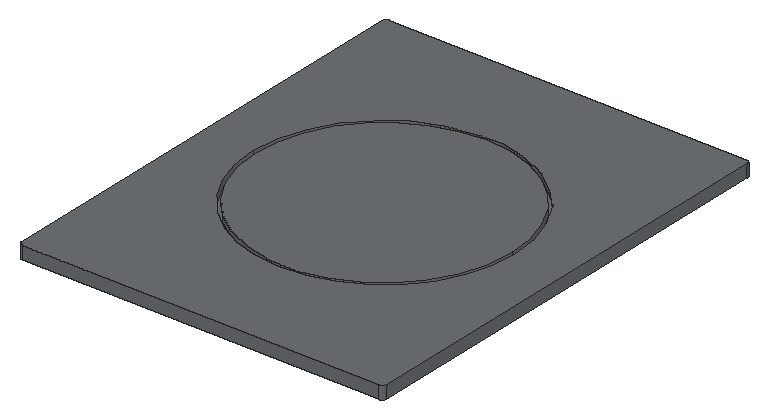
Revit family "Grohe_FlushPlate_SpaPremium_104645AL00", category Plumbing Fixtures, host Face, Revit 2022
Family settings
  Host = Face
  Round Connector Dimension = Use Diameter
  Part Type = Normal
  Cut with Voids When Loaded = No
  Maintain Annotation Orientation = No
  Shared = No
  Room Calculation Point = No
Parameters (values of type "SPA Flush Plate (104645AL00)")
  _ObjectUserGuide = "https://www.bimstore.co/products/spa-flush-plate-104645AL00/document/object-user-guide"
  _DistributedBy = "https://www.bimstore.co/"
  _CurrentRevision = 1
  _CreatedBy = "https://www.bimstore.co/"
  _BimSpecGuid = 0
  _BSBibleVersion = 17
  _AuthorizedBy = "bimstore"
  _Author = "AM 191"
  Waste Connection = no
  WarrantyStartDate [instance] = "Please Record on Commissioning"
  WarrantyGuarantorParts = "info-uk@grohe.com"
  WarrantyGuarantorLabor = "info-uk@grohe.com"
  WarrantyDurationUnit = "Years"
  WarrantyDurationParts = "0"
  WarrantyDurationLabor = "0"
  WarrantyDescription = "n/a"
  Vent Connection = no
  URL = "https://www.grohe.co.uk/"
  TypeName = "SPA Flush Plate"
  Type Comments = "SPA Flush Plate"
  TPIDocumentLink = "https://cdn.cloud.grohe.com/tpi/2000/2200/2220/2226/2226057/original/2226057.pdf"
  SustainabilityReport = "green.grohe.com/reporting"
  SustainabilityAward = "green.grohe.com/awards"
  SpareParts = "info-uk@grohe.com"
  Size = "n/a"
  Shape = "n/a"
  SerialNumber [instance] = "Please Record on Commissioning"
  ReplacementCost = "n/a"
  ReferencedStandard = "n/a"
  ProductionYear = "2024"
  ProductType = "n/a"
  ProductShortText = "Flush plate with soft touch actuation"
  ProductNumber = "104645AL00"
  ProductDescription = "for dual flush actuation\r\nfor pneumatic discharge valve AV1\r\nvertical installation\r\n160 x 201 mm\r\nmaterial: ABS\r\nGROHE Long-Life finish\r\nGROHE Water Saving - Less water, perfect flow\r\nfor combination with Rapid SL and Uniset with GD 2 cistern, slim cistern and 80 mm cistern\r\ncompatible with auto flush of Sensia Arena, Sensia Pro and Hygiena\r\n6 V lithium battery, type CR-P2\r\nbattery lifetime: 4 years for a 3 person household (approx. 17000 actuations)\r\nbattery status warning\r\nauto flush\r\ncleaning mode\r\nfor mains supply please order transformer 42 470 000"
  PrimaryMaterial = Grohe_Anthracite
  PQDiagramLink = "n/a"
  NominalLength = 0 mm
  NominalHeight = 0 mm
  NominalDepth = 0 mm
  NBSReference = "90-15-35/470"
  NBSOfficeMasterTag = "n/a"
  NBSObjectName = "Grohe - Flush control devices"
  NBSNote = "n/a"
  NBSDescription = "Flush control devices"
  ModelReference = "SPA Flush Plate"
  ModelNumber = "104645AL00"
  Model = "104645AL00"
  Material = "n/a"
  ManufacturerName = "Grohe"
  Manufacturer = "Grohe"
  Keynote = "N13"
  InstallationDate [instance] = "Please Record on Commissioning"
  IfcExportType = "IfcPipeFittingType"
  IfcExportAs = "IfcPipeFitting"
  HW Connection = no
  Grade = "n/a"
  GROHESustainability = "green.grohe.com"
  GROHESocialCommittment = "green.grohe.com/social_engagement"
  FullRecyclabilityOfPlastic = "All plastic components are fully recycable"
  Finish = "n/a"
  Features = "n/a"
  ExpectedLife = 0
  Ecojoy = no
  EF023752 = "true"
  EF023751 = "true"
  EF020828 = "false"
  EF020827 = "true"
  EF010109 = "false"
  EF006949 = "Pneumatic"
  EF006331 = "false"
  EF002169 = "Plastic"
  EF002147 = "Two button"
  EF001438 = "51"
  EF000040 = "201"
  EF000008 = "160"
  EF000007 = "Anthracite"
  DurationUnit = "Years"
  DocumentationTechnical = "https://www.bimstore.co/products/spa-flush-plate-104645AL00/document/technical-data-sheet"
  DocumentationMaintenance = "https://www.bimstore.co/products/spa-flush-plate-104645AL00/document/maintenance-information"
  DocumentationLiterature = "https://www.bimstore.co/products/spa-flush-plate-104645AL00/document/product-literature"
  DocumentationInstallationGuide = "https://www.bimstore.co/products/spa-flush-plate-104645AL00/document/installation-guide"
  DocumentationCertificates = "https://www.bimstore.co/products/spa-flush-plate-104645AL00/document/product-certificates"
  DimensionsDocumentLink = "https://cdn.cloud.grohe.com/dimdraw/100000/100000/100000/100300/100360/100365/100365178/1280/100365178.jpg"
  Description = "SPA Flush Plate"
  Default Elevation = 0 mm
  CreatedOn = "2024-09-04T:09:00:00"
  CreatedBy = "info-uk@grohe.com"
  CradleToCradleCertification = "n/a"
  Cost = 0
  Constituents = "n/a"
  Color = "Anthracite"
  CodePerformance = "n/a"
  ClassificationValue = "Pr_75_50_46_31"
  ClassificationName = "Uniclass2015"
  CW Connection = no
  CO2NeutralProduction = "GROHE is one of the first leading manufacturer within the sanitary industry having a CO2-neutral production."
  BarCode [instance] = "Please Record on Commissioning"
  BIMObjectName = "Grohe_FlushPlate_SpaPremium_104645AL00"
  AssetType = "Fixed"
  AssetIdentifier [instance] = "n/a"
  Assembly Code = ""
  AccessibilityPerformance = "n/a"
Reference planes
  plane 1 "Center (Front/Back)": y = 0
  plane 2: z = 0
  plane 3 "Center (Left/Right)": x = 0
Forms (mm)
  Extrusion 1, solid, material "Grohe_Anthracite" <- "PrimaryMaterial"
    sketch origin (0, 0, 0) x (1, 0, 0) y (0, 1, 0)
      loop
        line (78, 100.5) -> (-78, 100.5)
        arc (-78, 100.5) -> (-79.414, 99.914) -> (-80, 98.5) r 2
        line (-80, 98.5) -> (-80, -98.5)
        arc (-80, -98.5) -> (-79.414, -99.914) -> (-78, -100.5) r 2
        line (-78, -100.5) -> (78, -100.5)
        arc (78, -100.5) -> (79.414, -99.914) -> (80, -98.5) r 2
        line (80, -98.5) -> (80, 98.5)
        arc (80, 98.5) -> (79.414, 99.914) -> (78, 100.5) r 2
      loop
        circle (0, 0) r 57.501
      loop
        circle (0, 0) r 56
    from 0 to 5.5
  Extrusion 2, solid, material "Grohe_Anthracite" <- "PrimaryMaterial"
    sketch origin (0, 0, 0) x (1, 0, 0) y (0, 1, 0)
      loop
        circle (0, 0) r 57.501
    from 0 to 2.75
Cuts and joins
  joined: Extrusion 1, Extrusion 2
Dimensions and locks
  aligned and locked: plane 2 to host face
  aligned and locked: level to host face
